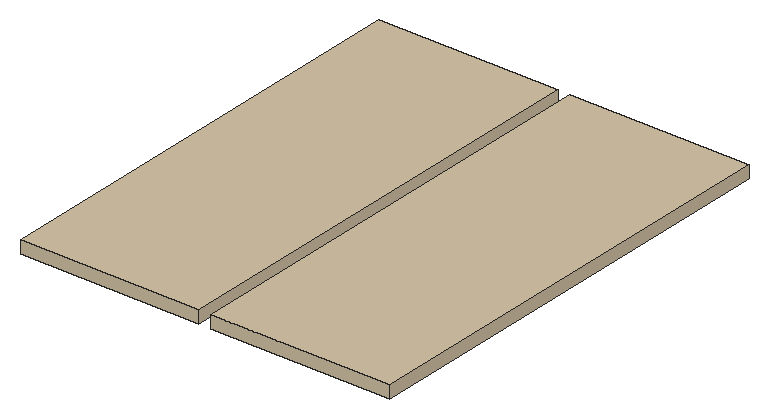
Revit family "Haworth_BeHold_Accessory_WardrobeShelf", category Furniture Systems, Revit 2018
Family settings
  Round Connector Dimension = Use Diameter
  Part Type = Normal
  OmniClass Number = 23.40.70.14.64.21
  OmniClass Title = Systems Furniture
  Work Plane-Based = No
  Always vertical = Yes
  Cut with Voids When Loaded = No
  Shared = No
  Room Calculation Point = No
Parameters (values of type "30d 24w")
  Width = 24"
  Warranty = "http://www.haworth.com/resources/product-info/warranties"
  URL - Product = "http://www.haworth.com/na/en/products/active-storage/be-hold.html"
  URL = "http://www.haworth.com"
  Sustainability Info = "https://www.haworth.com/company-info/sustainability"
  Standard Depths = "16, 18, 24, 30 in."  # constant formula
  Size = "Verify Final Dim. w/ Haworth"  # constant formula
  Single Control = not(Double Control)  # no
  Shelf Finish = Haworth _ Wood _ Maple H-AE
  Shelf Edge Finish = Haworth _ Wood _ Maple H-AE
  Revision Number = "1"  # constant formula
  Model = "Haworth Be_Hold"  # constant formula
  Min. Width = 12"  # constant formula
  Min. Depth = 16"  # constant formula
  Max. Width = 24"  # constant formula
  Max. Depth = 30"  # constant formula
  Manufacturer = "Haworth"  # constant formula
  Double Control = Actual Width = 24"  # yes
  Description = "Haworth - Be_Hold - Accessory - Wardrobe Shelf"  # constant formula
  Depth = 30"
  Custom Size = not(and(or(Width = 12", Width = 15", Width = 24"), or(Depth = 16", Depth = 18", Depth = 24", Depth = 30")))  # no
  Case Thickness = 3/4"  # constant formula
  Author = "Haworth (Alias)"  # constant formula
  Assembly Code = "E2020200"
  Actual Width = if(Width < Min. Width, Min. Width, if(Width > Max. Width, Max. Width, Width))  # 24"
  Actual Height = 3/4"  # constant formula
  Standard Widths = "12, 15, 24 in."  # constant formula
  Actual Depth = if(Depth < Min. Depth, Min. Depth, if(Depth > Max. Depth, Max. Depth, Depth))  # 30"
Reference planes (in)
  plane 1: z = 0
  plane 2 "Center L/R": x = -6.17556
  plane 3 "Center F/B": y = -23.5
  plane 4 "Back": y = -8.5
  plane 5 "Front": y = -38.5
  plane 6 "Right": x = 5.82444
  plane 7 "Left": x = -18.17556
  plane 8 "Top": z = 0.75
  plane 9: x = -5.80056
  plane 10: x = -6.55056
Forms (in)
  Extrusion 1, solid, material "Haworth _ Wood _ Maple H-AE" <- "Shelf Finish", visible <- "Double Control"
    sketch origin (0, 0, 0) x (1, 0, 0) y (0, 1, 0)
      loop
        line (-17.40603, -8.5) -> (-17.40603, -35.77246) -> (-6.55056, -35.77246) -> (-6.55056, -8.5) -> (-17.40603, -8.5)
      loop
        line (5.05491, -8.5) -> (-5.80056, -8.5) -> (-5.80056, -35.77246) -> (5.05491, -35.77246) -> (5.05491, -8.5)
    from 0 to 0.75
  Extrusion 2, solid, material "Haworth _ Wood _ Maple H-AE" <- "Shelf Finish", visible <- "Single Control"
    sketch origin (0, 0, 0) x (1, 0, 0) y (0, 1, 0)
      loop
        line (-17.40603, -8.5) -> (-17.40603, -35.77246) -> (5.05491, -35.77246) -> (5.05491, -8.5) -> (-17.40603, -8.5)
    from 0 to 0.75
Lines and regions (in)
  Masking region 1
    outline origin (0, 0, 0) x (1, 0, 0) y (0, 1, 0)
      loop
        line (-17.40603, -8.5) -> (-17.40603, -35.77246) -> (5.05444, -35.77246) -> (5.05444, -8.5) -> (-17.40603, -8.5)
  symbolic lines, style "Haworth", visible <- "Double Control", detail levels medium+fine
    curve 1: line (-6.55056, -8.53992, 0) -> (-6.55056, -35.77246, 0)
    curve 2: line (-5.80056, -8.53992, 0) -> (-5.80056, -35.77246, 0)
Dimensions and locks (in)
  equal spacing: plane 7 "Left", plane 2 "Center L/R", plane 6 "Right"
  "Actual Width": plane 7 "Left" to plane 6 "Right"
  equal spacing: plane 4 "Back", plane 3 "Center F/B", plane 5 "Front"
  "Actual Depth": plane 4 "Back" to plane 5 "Front"
  locked: Masking region 1 sketch curve to plane 6 "Right" at 0.77
  locked: plane 7 "Left" to Masking region 1 sketch curve at 0.76953
  locked: Masking region 1 sketch curve to plane 5 "Front" at 2.72754
  "Actual Height": plane 8 "Top" to plane 1
  equal spacing: plane 10, plane 2 "Center L/R", plane 9
  "Case Thickness": plane 10 to plane 9
  locked: Extrusion 1 sketch curve to plane 6 "Right" at 0.76953
  locked: plane 7 "Left" to Extrusion 1 sketch curve at 0.76953
  locked: plane 5 "Front" to Extrusion 1 sketch curve at 2.72754
  locked: Extrusion 1 sketch curve to plane 5 "Front" at 2.72754
  locked: Extrusion 2 sketch curve to plane 6 "Right" at 0.76953
  locked: plane 7 "Left" to Extrusion 2 sketch curve at 0.76953
  locked: Extrusion 2 sketch curve to plane 5 "Front" at 2.72754
  aligned and locked: Masking region 1 sketch curve to plane 4 "Back"
  aligned and locked: Extrusion 1 sketch curve to plane 4 "Back"
  aligned and locked: plane 4 "Back" to Extrusion 1 sketch curve
  aligned and locked: Extrusion 1 sketch curve to plane 9
  aligned and locked: Extrusion 1 sketch curve to plane 10
  aligned and locked: Extrusion 1 to plane 1
  aligned and locked: plane 8 "Top" to Extrusion 1
  aligned and locked: Extrusion 2 sketch curve to plane 4 "Back"
  aligned and locked: Extrusion 2 to plane 1
  aligned and locked: plane 8 "Top" to Extrusion 2
  aligned and locked: curve 2 to plane 9
  aligned and locked: curve 1 to plane 10
Automatic sketch dimensions
  plane 5 "Front" to curve 1 = 2.72754"
  curve 1 to curve 2 = 0"
  curve 2 to plane 4 "Back" = 0.03992"
  curve 1 to plane 4 "Back" = 0.03992"
